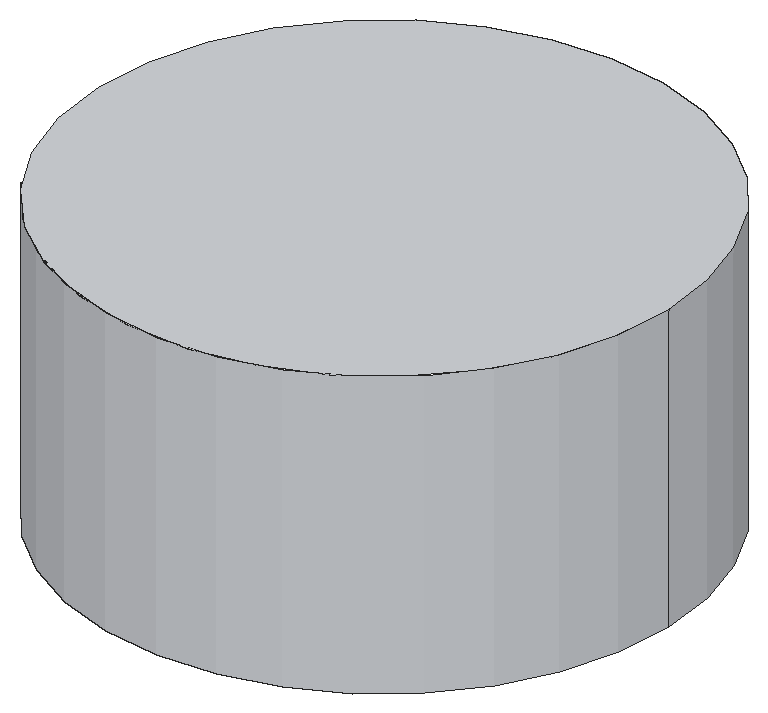
Revit family "ASF-10-C6", category Mechanical Equipment, Revit 2023
Family settings
  Round Connector Dimension = Use Diameter
  Classification = None
  Part Type = Normal
  OmniClass Number = 23.75.00.00
  OmniClass Title = Climate Control (HVAC)
  Work Plane-Based = No
  Always vertical = Yes
  Cut with Voids When Loaded = No
  Maintain Annotation Orientation = No
  Shared = No
  Room Calculation Point = No
Parameters (values of type "Standard")
  Volume = 0.0746242 CF
  Title = "Aura Solar Attic Fan - 10\" Diameter, 4\" Tall Collar"
  Subject = "ASF-10-C4"
  Requested Accuracy = "Low"
  Part Number = "ASF-10-C6"
  Mass = 12.7622 lbm
  Designer = "CAD Machine"
  Design State = 1
  Density = 171.019 lb/ft³
  Default Elevation = 0' - 0"
  Creation Date = "11/14/2022"
  Connector_1_Diameter = 0' - 9 3/4"
  Center of Gravity = "X: -0.035 in Y: -2.651 in Z: 0.021 in"
  Author = "CAD Machine"
  Area = 25.3335 SF
Reference planes (in)
  plane 1 "Center (Front/Back)": y = 0
  plane 2: z = 0
  plane 3 "Center (Left/Right)": x = 0
Forms (in)
  Extrusion 1, solid
    sketch origin (0, 0, -14.30799) x (1, 0, 0) y (0, 1, 0)
      loop
        circle (0, 0) r 0.12
    from 0 to -0.12
Dimensions and locks (in)
  aligned and locked: plane 2 to level
Connectors (in)
  hvac at (0, 0, -14.30799), driven by "Connector_1_Diameter"
    settings: on Extrusion 1, index 1, duct flow 0 CFM, flow factor 0, pres drop 0.00 in-wg, loss coef 0, conn angle 0.00°, conn width 12", conn height 12", conn diameter 9 3/4", duct sys type 3, conn prof type 0, flow config 1, flow direction 1, loss method 0, conn ref index -1, conn util no, is conn primary yes, conn desc ""
